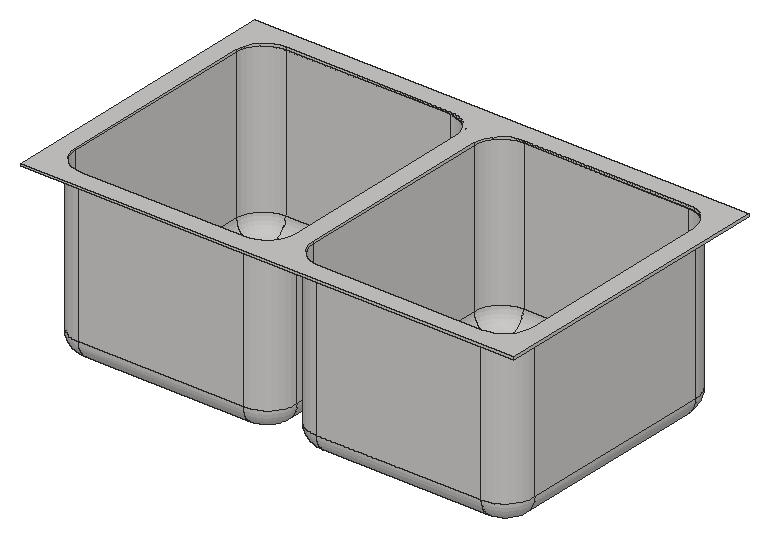
Revit family "QF_Vollrath_12102-1", category Specialty Equipment, Revit 2016
Family settings
  Part Type = Normal
  Round Connector Dimension = Use Diameter
  OmniClass Number = 23.40.40.14.31
  OmniClass Title = Cleaning and Disposal Equipment
  Work Plane-Based = Yes
  Always vertical = Yes
  Cut with Voids When Loaded = No
  Shared = No
  Room Calculation Point = No
Parameters
  Width = 2' - 3"
  Weight in Pounds = 0
  Watermarked By = "http://revitwatermark.com"
  URL Cutsheet = ""
  Status [instance] = ""
  Specification by User [instance] = ""
  Specification by Manufacturer [instance] = ""
  Sink Width = 2' - 1"
  Sink Depth = 1' - 2"
  Sink Basin Depth = 0' - 9 1/4"
  Serial Number [instance] = ""
  Seismic Rating [instance] = ""
  SMACNA No [instance] = ""
  Revision Code [instance] = ""
  NAFEM Spec ID Number [instance] = ""
  Model = "12102-1"
  Masterspec [instance] = ""
  Manufacturer = "Vollrath"
  Item Number [instance] = "-"
  Installed By [instance] = ""
  Indirect Waste Size = 2"
  Indirect Waste Flow [instance] = 0.00 GPM
  Indirect Waste Connection Type [instance] = ""
  Indirect Waste Connection Height [instance] = 0' - 0"
  Furnished By [instance] = ""
  Foodservice Equipment Identifier [instance] = yes
  Description = "Undermount Sink"  # constant formula
  Depth = 1' - 4"
  Default Elevation = 4' - 0"
  CSI MasterFormat = ""
Reference planes (in)
  plane 1 "BACK": y = 0
  plane 2 "BOTTOM": z = 0
  plane 3 "LEFT": x = 0
  plane 4 "RIGHT": x = 27
  plane 5 "FRONT": y = -16
  plane 6: x = 13.5
  plane 7: y = -8
  plane 8: y = -1
  plane 9: y = -15
  plane 10: x = 1
  plane 11: x = 26
  plane 12 "Sink Bottom": z = -9.25
  plane 13: x = 13
  plane 14: x = 14
  plane 15: x = 7
  plane 16: x = 20
  plane 17: y = -5.6875
Forms (in)
  Extrusion 1, solid, material "QF_Finishes_Stainless Steel"
    sketch origin (0, 0, 0) x (1, 0, 0) y (0, 1, 0)
      loop
        line (0, -16) -> (27, -16) -> (27, 0) -> (0, 0) -> (0, -16)
      loop
        arc (2.5, -1) -> (1.43934, -1.43934) -> (1, -2.5) r 1.5
        line (1, -2.5) -> (1, -13.5)
        arc (1, -13.5) -> (1.43934, -14.56066) -> (2.5, -15) r 1.5
        line (2.5, -15) -> (11.5, -15)
        arc (11.5, -15) -> (12.56066, -14.56066) -> (13, -13.5) r 1.5
        line (13, -13.5) -> (13, -2.5)
        arc (13, -2.5) -> (12.56066, -1.43934) -> (11.5, -1) r 1.5
        line (11.5, -1) -> (2.5, -1)
      loop
        arc (15.5, -1) -> (14.43934, -1.43934) -> (14, -2.5) r 1.5
        line (14, -2.5) -> (14, -13.5)
        arc (14, -13.5) -> (14.43934, -14.56066) -> (15.5, -15) r 1.5
        line (15.5, -15) -> (24.5, -15)
        arc (24.5, -15) -> (25.56066, -14.56066) -> (26, -13.5) r 1.5
        line (26, -13.5) -> (26, -2.5)
        arc (26, -2.5) -> (25.56066, -1.43934) -> (24.5, -1) r 1.5
        line (24.5, -1) -> (15.5, -1)
    from 0 to 0.125
  Sweep 2, solid, material "QF_Finishes_Stainless Steel"
    path in 3D
      loop
        arc (11.5, -1, 0.125) -> (12.56066, -1.43934, 0.125) -> (13, -2.5, 0.125) r 1.5
        line (13, -2.5, 0.125) -> (13, -13.5, 0.125)
        arc (13, -13.5, 0.125) -> (12.56066, -14.56066, 0.125) -> (11.5, -15, 0.125) r 1.5
        line (11.5, -15, 0.125) -> (2.5, -15, 0.125)
        arc (2.5, -15, 0.125) -> (1.43934, -14.56066, 0.125) -> (1, -13.5, 0.125) r 1.5
        line (1, -13.5, 0.125) -> (1, -2.5, 0.125)
        arc (1, -2.5, 0.125) -> (1.43934, -1.43934, 0.125) -> (2.5, -1, 0.125) r 1.5
        line (2.5, -1, 0.125) -> (11.5, -1, 0.125)
    profile origin (7, -1, 0.125) x (0, 1, 0) y (0, 0, 1)
      loop
        line (0.125, -0.125) -> (0, -0.125) -> (0, -8.25)
        arc (0, -8.25) -> (-0.29289, -8.95711) -> (-1, -9.25) r 1
        line (-1, -9.25) -> (-1, -9.375)
        arc (-1, -9.375) -> (-0.2045, -9.0455) -> (0.125, -8.25) r 1.125
        line (0.125, -8.25) -> (0.125, -0.125)
  Sweep 3, solid, material "QF_Finishes_Stainless Steel"
    path in 3D
      loop
        arc (24.5, -1, 0.125) -> (25.56066, -1.43934, 0.125) -> (26, -2.5, 0.125) r 1.5
        line (26, -2.5, 0.125) -> (26, -13.5, 0.125)
        arc (26, -13.5, 0.125) -> (25.56066, -14.56066, 0.125) -> (24.5, -15, 0.125) r 1.5
        line (24.5, -15, 0.125) -> (15.5, -15, 0.125)
        arc (15.5, -15, 0.125) -> (14.43934, -14.56066, 0.125) -> (14, -13.5, 0.125) r 1.5
        line (14, -13.5, 0.125) -> (14, -2.5, 0.125)
        arc (14, -2.5, 0.125) -> (14.43934, -1.43934, 0.125) -> (15.5, -1, 0.125) r 1.5
        line (15.5, -1, 0.125) -> (24.5, -1, 0.125)
    profile origin (20, -1, 0.125) x (0, 1, 0) y (0, 0, 1)
      loop
        line (0.125, -0.125) -> (0, -0.125) -> (0, -8.25)
        arc (0, -8.25) -> (-0.29289, -8.95711) -> (-1, -9.25) r 1
        line (-1, -9.25) -> (-1, -9.375)
        arc (-1, -9.375) -> (-0.2045, -9.0455) -> (0.125, -8.25) r 1.125
        line (0.125, -8.25) -> (0.125, -0.125)
  Extrusion 4, solid, material "QF_Finishes_Stainless Steel"
    sketch origin (0, 0, -9.25) x (-1, 0, 0) y (0, -1, 0)
      loop
        line (-11.5, 2) -> (-2.5, 2)
        arc (-2.5, 2) -> (-2.14645, 2.14645) -> (-2, 2.5) r 0.5
        line (-2, 2.5) -> (-2, 13.5)
        arc (-2, 13.5) -> (-2.14645, 13.85355) -> (-2.5, 14) r 0.5
        line (-2.5, 14) -> (-11.5, 14)
        arc (-11.5, 14) -> (-11.85355, 13.85355) -> (-12, 13.5) r 0.5
        line (-12, 13.5) -> (-12, 2.5)
        arc (-12, 2.5) -> (-11.85355, 2.14645) -> (-11.5, 2) r 0.5
      loop
        line (-15, 2.5) -> (-15, 13.5)
        arc (-15, 13.5) -> (-15.14645, 13.85355) -> (-15.5, 14) r 0.5
        line (-15.5, 14) -> (-24.5, 14)
        arc (-24.5, 14) -> (-24.85355, 13.85355) -> (-25, 13.5) r 0.5
        line (-25, 13.5) -> (-25, 2.5)
        arc (-25, 2.5) -> (-24.85355, 2.14645) -> (-24.5, 2) r 0.5
        line (-24.5, 2) -> (-15.5, 2)
        arc (-15.5, 2) -> (-15.14645, 2.14645) -> (-15, 2.5) r 0.5
      loop
        circle (-7, 5.6875) r 1.75
      loop
        circle (-20, 5.6875) r 1.75
    from 0 to 0.125
Lines and regions (in)
  sketch lines
    curve 1: line (2.5, -1, 0.125) -> (11.5, -1, 0.125)
    curve 2: arc (2.5, -1, 0.125) -> (1.43934, -1.43934, 0.125) -> (1, -2.5, 0.125) r 1.5
    curve 3: line (1, -13.5, 0.125) -> (1, -2.5, 0.125)
    curve 4: arc (1, -13.5, 0.125) -> (1.43934, -14.56066, 0.125) -> (2.5, -15, 0.125) r 1.5
    curve 5: line (11.5, -15, 0.125) -> (2.5, -15, 0.125)
    curve 6: arc (11.5, -15, 0.125) -> (12.56066, -14.56066, 0.125) -> (13, -13.5, 0.125) r 1.5
    curve 7: line (13, -2.5, 0.125) -> (13, -13.5, 0.125)
    curve 8: arc (13, -2.5, 0.125) -> (12.56066, -1.43934, 0.125) -> (11.5, -1, 0.125) r 1.5
    curve 9: line (15.5, -1, 0.125) -> (24.5, -1, 0.125)
    curve 10: arc (15.5, -1, 0.125) -> (14.43934, -1.43934, 0.125) -> (14, -2.5, 0.125) r 1.5
    curve 11: line (14, -13.5, 0.125) -> (14, -2.5, 0.125)
    curve 12: arc (14, -13.5, 0.125) -> (14.43934, -14.56066, 0.125) -> (15.5, -15, 0.125) r 1.5
    curve 13: line (24.5, -15, 0.125) -> (15.5, -15, 0.125)
    curve 14: arc (24.5, -15, 0.125) -> (25.56066, -14.56066, 0.125) -> (26, -13.5, 0.125) r 1.5
    curve 15: line (26, -2.5, 0.125) -> (26, -13.5, 0.125)
    curve 16: arc (26, -2.5, 0.125) -> (25.56066, -1.43934, 0.125) -> (24.5, -1, 0.125) r 1.5
  symbolic lines
    curve 17: line (0, 0, -9.25) -> (27, 0, -9.25)
    curve 18: line (0, -16, -9.25) -> (0, 0, -9.25)
    curve 19: line (27, -16, -9.25) -> (0, -16, -9.25)
    curve 20: line (27, 0, -9.25) -> (27, -16, -9.25)
  symbolic lines, style "QF_Surface Details"
    curve 21: line (11.5, -1, -9.25) -> (2.5, -1, -9.25)
    curve 22: arc (1, -2.5, -9.25) -> (1.43934, -1.43934, -9.25) -> (2.5, -1, -9.25) r 1.5
    curve 23: line (1, -2.5, -9.25) -> (1, -13.5, -9.25)
    curve 24: arc (2.5, -15, -9.25) -> (1.43934, -14.56066, -9.25) -> (1, -13.5, -9.25) r 1.5
    curve 25: line (2.5, -15, -9.25) -> (11.5, -15, -9.25)
    curve 26: arc (13, -13.5, -9.25) -> (12.56066, -14.56066, -9.25) -> (11.5, -15, -9.25) r 1.5
    curve 27: line (13, -13.5, -9.25) -> (13, -2.5, -9.25)
    curve 28: arc (11.5, -1, -9.25) -> (12.56066, -1.43934, -9.25) -> (13, -2.5, -9.25) r 1.5
    curve 29: arc (14, -2.5, -9.25) -> (14.43934, -1.43934, -9.25) -> (15.5, -1, -9.25) r 1.5
    curve 30: line (14, -2.5, -9.25) -> (14, -13.5, -9.25)
    curve 31: arc (15.5, -15, -9.25) -> (14.43934, -14.56066, -9.25) -> (14, -13.5, -9.25) r 1.5
    curve 32: line (15.5, -15, -9.25) -> (24.5, -15, -9.25)
    curve 33: arc (26, -13.5, -9.25) -> (25.56066, -14.56066, -9.25) -> (24.5, -15, -9.25) r 1.5
    curve 34: line (26, -13.5, -9.25) -> (26, -2.5, -9.25)
    curve 35: arc (24.5, -1, -9.25) -> (25.56066, -1.43934, -9.25) -> (26, -2.5, -9.25) r 1.5
    curve 36: line (24.5, -1, -9.25) -> (15.5, -1, -9.25)
    curve 37: circle (7, -5.6875, -9.25) r 1.75 normal (0, 0, -1)
    curve 38: circle (20, -5.6875, -9.25) r 1.75 normal (0, 0, -1)
Dimensions and locks (in)
  "Width": plane 3 "LEFT" to plane 4 "RIGHT"
  "Depth": plane 5 "FRONT" to plane 1 "BACK"
  "Sink Depth": plane 8 to plane 9
  equal spacing: plane 3 "LEFT", plane 6, plane 4 "RIGHT"
  equal spacing: plane 10, plane 6, plane 11
  "Sink Width": plane 10 to plane 11
  "Sink Basin Depth": level to plane 12 "Sink Bottom"
  equal spacing: plane 8, plane 7, plane 9
  plane 1 "BACK" to plane 8 = 0' - 1"
  plane 9 to plane 5 "FRONT" = 0' - 1"
  locked: plane 3 "LEFT" to plane 10 at 1
  plane 11 to plane 4 "RIGHT" = 0' - 1"
  plane 13 to plane 14 = 0' - 1"
  plane 8 to plane 17 = 0' - 4 11/16"
  equal spacing: plane 14, plane 16, plane 11
  equal spacing: plane 10, plane 15, plane 13
  aligned and locked: level to plane 2 "BOTTOM"
  aligned and locked: plane 5 "FRONT" to Extrusion 1 sketch curve
  aligned and locked: plane 4 "RIGHT" to Extrusion 1 sketch curve
  aligned and locked: Extrusion 1 sketch curve to plane 1 "BACK"
  aligned and locked: Extrusion 1 sketch curve to plane 8  (x2)
  aligned and locked: plane 10 to Extrusion 1 sketch curve
  aligned and locked: plane 9 to Extrusion 1 sketch curve  (x2)
  aligned and locked: Extrusion 1 sketch curve to plane 13
  aligned and locked: plane 14 to Extrusion 1 sketch curve
  aligned and locked: Extrusion 1 sketch curve to plane 11
  aligned and locked: Extrusion 4 sketch curve to Sweep 2  (x4)
  aligned and locked: Extrusion 4 sketch curve to Sweep 3  (x4)
Automatic sketch dimensions
  Extrusion 1 sketch curve to plane 3 "LEFT" = 0' - 0"
  Extrusion 1 sketch curve to plane 13 = 0' - 0"
  plane 10 to Extrusion 1 sketch curve = 0' - 1 1/2"  (x2)
  plane 9 to Extrusion 1 sketch curve = 0' - 1 1/2"  (x2)
  Extrusion 1 sketch curve to plane 8 = 0' - 1 1/2"
  plane 14 to Extrusion 1 sketch curve = 0' - 1 1/2"  (x2)
  Extrusion 1 sketch curve to plane 11 = 0' - 1 1/2"
  Sweep 2 sketch curve to Sweep 2 sketch curve = 0' - 0"
  Sweep 2 sketch curve to profile plane = 0' - 0"
  profile plane to Sweep 2 sketch curve = 0' - 1"
  Sweep 2 sketch curve to profile plane = 0' - 0 1/8"  (x2)
  Sweep 2 sketch curve to profile plane = 0' - 9 3/8"
  Sweep 3 sketch curve to Sweep 3 sketch curve = 0' - 0"
  Sweep 3 sketch curve to profile plane = 0' - 0"
  profile plane to Sweep 3 sketch curve = 0' - 1"
  Sweep 3 sketch curve to Sweep 3 sketch curve = 0' - 0 1/8"
  Sweep 3 sketch curve to profile plane = 0' - 9 3/8"
  Sweep 3 sketch curve to profile plane = 0' - 0 1/8"
  Extrusion 4 sketch curve to plane 16 = 0' - 0"
  Extrusion 4 sketch curve to plane 15 = 0' - 0"
  Extrusion 4 sketch curve to plane 17 = 0' - 0"  (x2)
  Extrusion 4 sketch curve to Extrusion 4 sketch curve = 0' - 0 1/2"  (x8)
  plane 1 "BACK" to curve 17 = 0' - 0"
  curve 17 to plane 4 "RIGHT" = 0' - 0"
  curve 35 to plane 11 = 0' - 0"
  curve 35 to plane 8 = 0' - 0"
  curve 33 to plane 9 = 0' - 0"
  curve 38 to plane 16 = 0' - 0"
  curve 31 to plane 14 = 0' - 0"
  curve 26 to plane 13 = 0' - 0"
  curve 28 to plane 8 = 0' - 0"
  curve 26 to plane 9 = 0' - 0"
  curve 37 to plane 15 = 0' - 0"
  curve 23 to plane 10 = 0' - 0"
  curve 18 to plane 3 "LEFT" = 0' - 0"
  curve 37 to plane 17 = 0' - 0"
  curve 38 to plane 17 = 0' - 0"
  plane 5 "FRONT" to curve 18 = 0' - 0"
  curve 35 to plane 11 = 0' - 1 1/2"
  curve 33 to curve 33 = 0' - 1 1/2"
  curve 31 to curve 30 = 0' - 1 1/2"
  plane 14 to curve 36 = 0' - 1 1/2"
  curve 28 to plane 13 = 0' - 1 1/2"
  curve 26 to plane 13 = 0' - 1 1/2"
  plane 10 to curve 21 = 0' - 1 1/2"
  plane 10 to curve 24 = 0' - 1 1/2"
  radius of Extrusion 4 sketch curve = 0' - 1 3/4"  (x2)
  radius of curve 37 = 0' - 1 3/4"
  radius of curve 38 = 0' - 1 3/4"
Connectors (in)
  piping at (7, -5.6875, -9.25), diameter 2, driven by "Indirect Waste Flow"
    settings: on Extrusion 4, index 1, connector inside diameter 2", connector length 0' - 0", flow factor 0, pipe flow 0.00 GPM, pressure drop 0.00 psi, fitting loss kfactor 0, connector angle 0.00°, fixture units 0, engagement length 0' - 0", angle of deflection 0.00°, flow configuration 1, flow direction 2, fitting loss method 0, system type 16, joint type 0, gender type 0, connector reference index -1, connector utility 0, adjustable connector no, is connector primary yes, connector description "IW"
  piping at (20, -5.6875, -9.25), diameter 2, driven by "Indirect Waste Flow"
    settings: on Extrusion 4, index 2, connector inside diameter 2", connector length 0' - 0", flow factor 0, pipe flow 0.00 GPM, pressure drop 0.00 psi, fitting loss kfactor 0, connector angle 0.00°, fixture units 0, engagement length 0' - 0", angle of deflection 0.00°, flow configuration 1, flow direction 2, fitting loss method 0, system type 16, joint type 0, gender type 0, connector reference index -1, connector utility 0, adjustable connector no, is connector primary no, connector description "IW"
